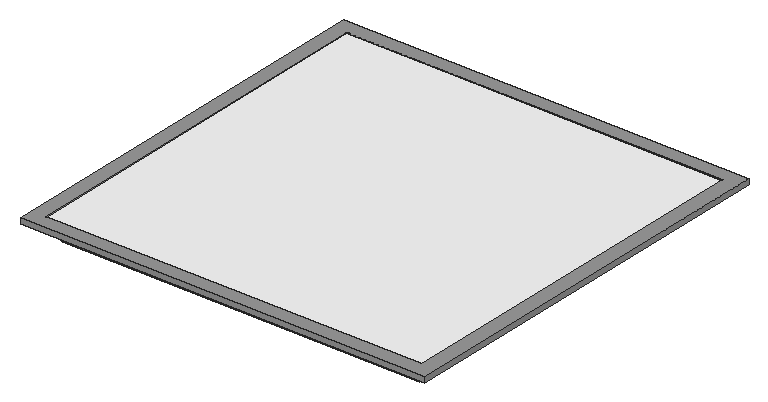
Revit family "0047036", category Lighting Fixtures, host Face, Revit 2017
Family settings
  Host = Face
  Round Connector Dimension = Use Diameter
  Part Type = Normal
  OmniClass Number = 23.80.70.00
  OmniClass Title = Lighting
  Cut with Voids When Loaded = No
  Light Source = Yes
  Shared = No
  Room Calculation Point = No
Parameters (values of type "0048401 START ECO PANEL 600X600 3200LM 840 LILO")
  Weight = "kg"
  Wattage Comments = ""
  Wattage = 36 W
  WarrantyStartDate [instance] = "n/a"
  WarrantyGuarantorParts = "n/a"
  WarrantyDurationUnit = "n/a"
  WarrantyDurationParts = "n/a"
  WarrantyDescription = "n/a"
  built-in parameter 1150110 = 1 (stored number, unit not read)
  Voltage = 230 V
  URL = "http://www.sylvania-lighting.com"
  TypeName = "START ECO PANEL 600X600 3200LM 840 LILO"
  Type Image = <None>
  Type Comments = "n/a"
  built-in parameter 1114217 = 1 (stored number, unit not read)
  Tilt Angle = -90.00°
  built-in parameter 1150109 = 1 (stored number, unit not read)
  built-in parameter 1150134 = 12
  built-in parameter 1150113 = 1 (stored number, unit not read)
  SerialNumber [instance] = "n/a"
  Photometric Web File = "0048401.ies"
  Material_3_SYL = none
  PowerFactor = 0.95
  PowerConsumption = "36 W"
  NominalLength = 595 mm
  NominalHeight = 34 mm
  NominalDepth = 595 mm
  Name = "START ECO PANEL 600X600 3200LM 840 LILO"
  ModelReference = Name  # "START ECO PANEL 600X600 3200LM 840 LILO"
  ModelNumber = "0048401"
  Model = Name  # "START ECO PANEL 600X600 3200LM 840 LILO"
  Material = "al 6063 housing, ps diffuser"
  ManufacturerName = "Feilo Sylvania"
  Manufacturer = "Feilo Sylvania"
  LuminousEfficacy = "89 lm/W"
  built-in parameter 1150105 = 254.97 (stored number, unit not read)
  Lumens = 3204 lm
  LuminaireType = ""
  built-in parameter 1150115 = 1 (stored number, unit not read)
  LightOutputRatio = "n/a"
  built-in parameter 1150137 = (empty or 0)
  built-in parameter 1150139 = (empty or 0)
  LampsType = Lamp  # "LED"
  LampNominalLuminous = "3200 lm"
  LampMacAdamStep = "6"
  LampColourTemperature = "4000 K"
  LampColourRenderingIndex = "80"
  built-in parameter 1150112 = 1 (stored number, unit not read)
  built-in parameter 1150114 = 1 (stored number, unit not read)
  Lamp = "LED"
  Keynote = "16500"
  InstallationDate [instance] = "n/a"
  InputVoltage = "n/a"
  InputNominalFrequency = "n/a"
  built-in parameter 1150132 = (empty or 0)
  built-in parameter 1150102 = (empty or 0)
  built-in parameter 1150107 = 4000 (stored number, unit not read)
  built-in parameter 1150138 = (empty or 0)
  IngressProtection = "IP40/20"
  ImpactProtectionIndex = "IK03"
  built-in parameter 1150106 = 2.5497 (stored number, unit not read)
  IfcExportType = "IfcLightFixtureType"
  IfcExportAs = "IfcLightFixtureType"
  Emit from Rectangle Width = 553 mm
  Emit from Rectangle Length = 553 mm
  Emit Shape Visible in Rendering = no
  ElectricShockClassification = "Class II"
  built-in parameter 1150104 = 8.2684 (stored number, unit not read)
  DocumentationLiterature = "http://www.sylvania-lighting.com/product/en-int/products/0048401"
  DimmingControlOptions = "n/a"
  Material_2_SYL = LED
  Dimming Lamp Color Temperature Shift = <None>
  Description = ""
  Default Elevation = 1219.2 mm
  CreatedOn = "6/25/2019"
  CreatedBy = "@sylvania-lighting.com"
  Cost = 0
  Color Filter = 16777215
  built-in parameter 1114216 [instance] = (empty or 0)
  ClassificationValue = "EF_70_80"
  ClassificationName = "Uniclass2015"
  Material_1_SYL = PC/ABS Plastic
  BarCode [instance] = "n/a"
  built-in parameter 1114218 = 1 (stored number, unit not read)
  built-in parameter 1150133 = 10 (stored number, unit not read)
  AssetType = "Fixed"
  AssetIdentifier [instance] = "n/a"
  Assembly Code = "D5020200"
  Apparent Load = 36 VA
  Material_4_SYL = none
Reference planes
  plane 1 "Center (Front/Back)": y = 0
  plane 2: z = 0
  plane 3 "Center (Left/Right)": x = 0
  plane 4: z = 8
  plane 5: z = -26
  plane 6: z = -56
  plane 7: x = 297.5
  plane 8: x = -297.5
  plane 9: y = 297.5
  plane 10: y = -297.5
  plane 11: y = 276.5
  plane 12: y = -276.5
  plane 13: x = -276.5
  plane 14: x = 276.5
  plane 15: x = -275
  plane 16: x = 275
  plane 17: y = -275
  plane 18: y = 275
  plane 19: x = 263
  plane 20: x = -263
  plane 21: y = -263
  plane 22: y = 263
  plane 23: z = 7
  plane 24: z = -100
Forms (mm)
  Extrusion 1, void
    sketch origin (0, 0, 0) x (1, 0, 0) y (0, 1, 0)
      loop
        line (-275, 275) -> (-275, -275) -> (275, -275) -> (275, 275) -> (-275, 275)
    from 0 to -100
  Extrusion 2, solid, material "PC/ABS Plastic" <- "Material_1_SYL"
    sketch origin (0, 0, 0) x (1, 0, 0) y (0, 1, 0)
      loop
        line (-297.5, -297.5) -> (297.5, -297.5) -> (297.5, 297.5) -> (-297.5, 297.5) -> (-297.5, -297.5)
    from 0 to 8
  Extrusion 3, void
    sketch origin (1223.4, -4572, 8) x (-1, 0, 0) y (0, -1, 0)
      loop
        line (1499.9, -4848.5) -> (1499.9, -4295.5) -> (946.9, -4295.5) -> (946.9, -4848.5) -> (1499.9, -4848.5)
    from 0 to -1
  Blend 4, solid, material "PC/ABS Plastic" <- "Material_1_SYL"
    base sketch origin (0, 0, 0) x (1, 0, 0) y (0, 1, 0)
      loop
        line (-275, -275) -> (275, -275) -> (275, 275) -> (-275, 275) -> (-275, -275)
    top sketch origin (0, 0, 0) x (1, 0, 0) y (0, 1, 0)
      loop
        line (-263, -263) -> (263, -263) -> (263, 263) -> (-263, 263) -> (-263, -263)
    from 0 to -26
Cuts and joins
  Extrusion 3 cuts Extrusion 2
Dimensions and locks
  equal spacing: plane 8, plane 3 "Center (Left/Right)", plane 7
  locked: plane 8 to plane 7 at 595
  equal spacing: plane 10, plane 1 "Center (Front/Back)", plane 9
  locked: plane 10 to plane 9 at 595
  equal spacing: plane 13, plane 3 "Center (Left/Right)", plane 14
  locked: plane 13 to plane 14 at 553
  equal spacing: plane 12, plane 1 "Center (Front/Back)", plane 11
  locked: plane 12 to plane 11 at 553
  equal spacing: plane 17, plane 1 "Center (Front/Back)", plane 18
  locked: plane 17 to plane 18 at 550
  equal spacing: plane 15, plane 3 "Center (Left/Right)", plane 16
  locked: plane 15 to plane 16 at 550
  equal spacing: plane 21, plane 1 "Center (Front/Back)", plane 22
  locked: plane 21 to plane 22 at 526
  equal spacing: plane 20, plane 3 "Center (Left/Right)", plane 19
  locked: plane 20 to plane 19 at 526
  locked: plane 4 to plane 23 at 1
  locked: plane 4 to plane 2 at 8
  plane 2 to plane 5 to plane 6 = 26 mm locked, 30 mm locked
  locked: plane 2 to plane 24 at 100
  aligned and locked: plane 2 to host face
  aligned and locked: level to host face
  aligned and locked: plane 18 to Extrusion 1 sketch curve
  aligned and locked: plane 15 to Extrusion 1 sketch curve
  aligned and locked: Extrusion 1 sketch curve to plane 17
  aligned and locked: Extrusion 1 sketch curve to plane 16
  aligned and locked: level to Extrusion 1
  aligned and locked: plane 10 to Extrusion 2 sketch curve
  aligned and locked: Extrusion 2 sketch curve to plane 8
  aligned and locked: Extrusion 2 sketch curve to plane 9
  aligned and locked: plane 7 to Extrusion 2 sketch curve
  aligned and locked: Extrusion 2 to level
  aligned and locked: Extrusion 2 to plane 4
  aligned and locked: plane 11 to Extrusion 3 sketch curve
  aligned and locked: plane 13 to Extrusion 3 sketch curve
  aligned and locked: Extrusion 3 sketch curve to plane 12
  aligned and locked: Extrusion 3 sketch curve to plane 14
  aligned and locked: plane 23 to Extrusion 3
  aligned and locked: Extrusion 3 to plane 4
  aligned and locked: plane 17 to Blend 4 sketch curve
  aligned and locked: Blend 4 sketch curve to plane 15
  aligned and locked: Blend 4 sketch curve to plane 18
  aligned and locked: plane 16 to Blend 4 sketch curve
  aligned and locked: plane 21 to Blend 4 sketch curve
  aligned and locked: Blend 4 sketch curve to plane 20
  aligned and locked: Blend 4 sketch curve to plane 22
  aligned and locked: plane 19 to Blend 4 sketch curve
  aligned and locked: plane 5 to Blend 4
  aligned and locked: level to Blend 4
  aligned and locked: Extrusion 1 to plane 24
  aligned and locked: imposter light to plane 23
  aligned and locked: plane 3 "Center (Left/Right)" to imposter light
  aligned and locked: imposter light to plane 1 "Center (Front/Back)"
Automatic sketch dimensions
  host sketch curve to host sketch curve = 800 mm  (x2)
Connectors
  electrical at (0, 0, 8), driven by "Voltage", driven by "Apparent Load", driven by "PowerFactor"
    settings: on cut or joined group of Extrusion 2, Extrusion 3, index 1, voltage 230 V, apparent load 36 VA, apparent load phase1 0 VA, apparent load phase2 0 VA, apparent load phase3 0 VA, power factor 0.95, load classification "Other", number of poles 1, system type 30, power factor state 1, is connector primary yes, connector utility no, sub classification motor no, connector description ""
